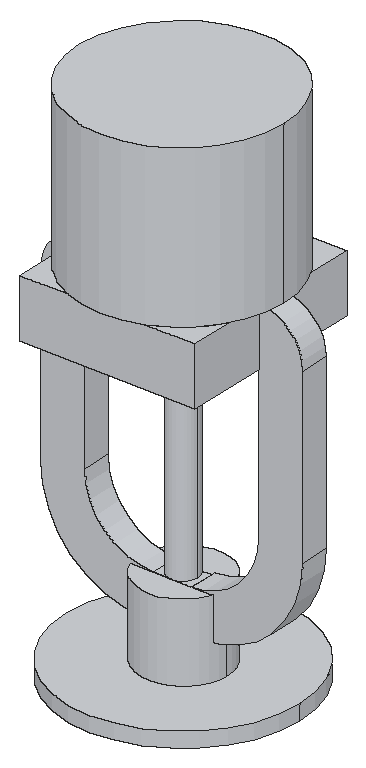
Revit family
Parameters (values of type "RASCO F1FR PENDENT")
  Temperature Rating = 155 °F
  Response = 1
  RASCO SIN # = "RA3611"
  RASCO Part # = "F1FRP13C"
  Pressure Rating = "175 PSI"
  Pressure Class = (empty or 0)
  Orifice Size = 3/8"
  Orifice = (empty or 0)
  Model = "F1FR"
  Manufacturer = "RASCO"
  K-Factor = 5.6
  Description = "BRZ. FINISH"
  Coverage = (empty or 0)
Reference planes (in)
  plane 1 "Center (Front/Back)": y = 0
  plane 2: z = 0
  plane 3 "Center (Left/Right)": x = 0
Dimensions and locks (in)
  aligned and locked: plane 2 to level
Nested families (in)
  nested 1: "F1FRP13C" at (-0.0113, 0, 2.4375) x (-1, 0, 0) z (0, 0, -1), type "RASCO F1FR PENDENT"
Connectors (in)
  piping at (-0.0113, 0, 2.4375)
    settings: on nested 1, index 1, connector radius 115/256", flow factor 0, pipe flow 0 GPM, pressure drop 0.00 psi, fitting loss kfactor 0, connector angle 0.00°, fixture units 0, flow configuration 0, flow direction 0, fitting loss method 0, system type 7, connector reference index -1, connector utility 0, adjustable connector no, is connector primary yes, fitting loss table "", connector description ""
Definition of nested family "F1FRP13C"
  Parameters (values of type "RASCO F1FR PENDENT")
    Type Comments = ""
    Temperature Rating = 0 °F
    Response = (empty or 0)
    Pressure Rating = "0"
    Pressure Class = (empty or 0)
    Orifice Size = 0"
    Orifice = (empty or 0)
    Model = ""
    Manufacturer = ""
    K-Factor = 0
    Description = ""
    Coverage = (empty or 0)
    Assembly Code = ""
  Reference planes (in)
    plane 1 "Center (Front/Back)": y = 0
    plane 2: z = 0
    plane 3 "ref.2": z = 0.6875
    plane 4 "ref.3": z = 0.9375
    plane 5: x = -0.38065
    plane 6: x = 0.36935
    plane 7 "ref. side 1": y = 0.06402
    plane 8 "ref. side 2": y = -0.06098
    plane 9 "ref.4": z = 1.875
    plane 10 "ref.5": z = 2.3125
    plane 11 "ref.6": z = 2.4375
  Forms (in)
    Extrusion 1, solid
      sketch origin (0, 0, 0) x (1, 0, 0) y (0, 1, 0)
        loop
          circle (0, 0) r 0.4379
      from 0 to 0.6875
    Extrusion 2, solid
      sketch origin (-0.12185, 0.05177, 0.6875) x (1, 0, 0) y (0, 1, 0)
        loop
          line (-0.2588, 0.356) -> (-0.2588, -0.4565) -> (0.4912, -0.4565) -> (0.4912, 0.356) -> (-0.2588, 0.356)
      from 0 to 0.25
    Extrusion 3, solid
      sketch origin (0, 0, 0) x (1, 0, 0) y (0, 0, 1)
        loop
          line (-0.38065, 0.68754) -> (-0.38065, 1.58397)
          arc (-0.38065, 1.58397) -> (-0.29541, 1.78976) -> (-0.08962, 1.875) r 0.29103
          line (-0.08962, 1.875) -> (0.07524, 1.875)
          arc (0.07524, 1.875) -> (0.28321, 1.78886) -> (0.36935, 1.58089) r 0.29411
          line (0.36935, 1.58089) -> (0.36935, 0.68751)
          arc (0.36935, 0.68751) -> (0.50207, 0.74393) -> (0.55685, 0.87734) r 0.18984
          line (0.55685, 0.87734) -> (0.55685, 1.61676)
          arc (0.55685, 1.61676) -> (0.42629, 1.93194) -> (0.11111, 2.0625) r 0.44574
          line (0.11111, 2.0625) -> (-0.12259, 2.0625)
          arc (-0.12259, 2.0625) -> (-0.43765, 1.932) -> (-0.56815, 1.61694) r 0.44556
          line (-0.56815, 1.61694) -> (-0.56815, 0.87876)
          arc (-0.56815, 0.87876) -> (-0.51345, 0.74486) -> (-0.38065, 0.68754) r 0.19126
      from -0.06402 to 0.06098
    Extrusion 4, solid
      sketch origin (0, 0, 0.9375) x (-1, 0, 0) y (0, -1, 0)
        loop
          circle (0.00574, -0.00152) r 0.0625
      from 0 to 0.9375
    Extrusion 5, solid
      sketch origin (0, 0, 1.875) x (-1, 0, 0) y (0, -1, 0)
        loop
          circle (0.00574, -0.00152) r 0.1875
      from 0 to 0.4375
    Extrusion 6, solid
      sketch origin (0, 0, 2.3125) x (0, -1, 0) y (1, 0, 0)
        loop
          circle (-0.00152, -0.00574) r 0.5
      from -0.10531 to -0.03987
  Cuts and joins
    joined: Extrusion 1, Extrusion 2, Extrusion 4
  Lines and regions (in)
    model lines
      curve 1: line (-0.00574, 0.06402, 1.875) -> (-0.00574, -0.06098, 1.875)
